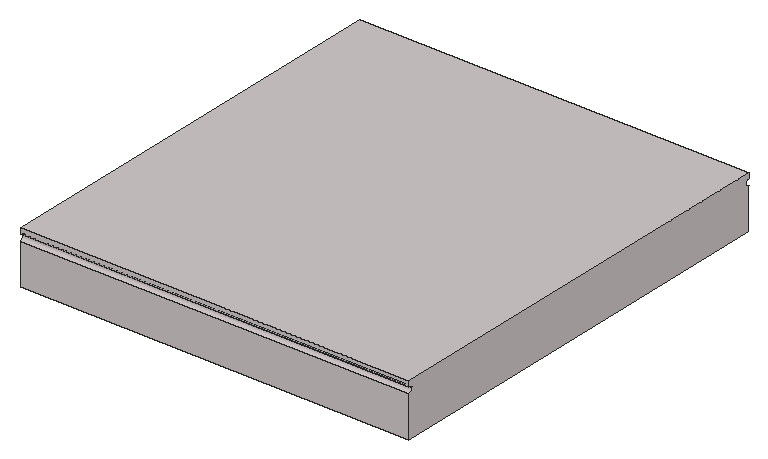
Revit family
Parameters (values of type "FS6")
  Start Extension Calculation [instance] = 10' 0 1/2" + Start Extension  # 10' - 0"
  Start Extension [instance] = -0' - 0 1/2"
  End Extension Calculation [instance] = 10' 0 1/2" + End Extension  # 10' - 0"
  End Extension [instance] = -0' - 0 1/2"
  Beam Material [instance] = Concrete - Precast Concrete - Normal Weight - 5 ksi
  Assembly Code = "B10"
  Depth = 0' - 6"
  Length [instance] = 5' - 0"
  Width = 4' - 0"
Types (4): name | Depth
  (no name) | 0' - 6"
  FS6 | 0' - 6"
  FS8 | 0' - 8"
  FS4 | 0' - 4"
Reference planes (in)
  plane 1 "Center (Front/Back)": y = 0
  plane 2: z = 0
  plane 3 "Center (Left/Right)": x = 0.1815
  plane 4 "Member Left": x = -21.8185
  plane 5 "Member Right": x = 22.1815
  plane 6: y = 24
  plane 7: y = -24
  plane 8: z = 3
  plane 9 "Bottom": z = -3
  plane 10 "Left": x = -29.8185
  plane 11 "Right": x = 30.1815
  plane 12: x = -21.8185
  plane 13: x = 22.1815
  plane 14: x = 98.1815
  plane 15: x = -97.8185
Dimensions and locks (in)
  "Width": plane 6 to plane 7
  equal spacing: plane 9 "Bottom", plane 2, plane 8
  equal spacing: plane 6, plane 1 "Center (Front/Back)", plane 7
  "Depth": plane 9 "Bottom" to plane 8
  "Length": plane 10 "Left" to plane 11 "Right"
  "Start Extension Calculation": plane 12 to plane 14
  locked: plane 4 "Member Left" to plane 14 at 120
  locked: plane 15 to plane 5 "Member Right" at 120
  "End Extension Calculation": plane 15 to plane 13
  aligned and locked: nested 1 to plane 12
  aligned and locked: nested 1 to plane 13
Nested families (in)
  nested 1: "Solid Flat Slab" at (-21.8185, 0, 0), Material <- "Beam Material", Width <- "Width", Depth <- "Depth", type "Solid Flat Slab"
    with Width 4' - 0", Material Concrete - Precast Concrete - Normal Weight - 5 ksi, built-in parameter 1001306 3.6667 (stored number, unit not read), Depth 0' - 6"
Definition of nested family "Solid Flat Slab"
  Parameters (values of type "Solid Flat Slab")
    Width [instance] = 4' - 0"
    Material [instance] = Concrete - Precast Concrete - Normal Weight - 5 ksi
    built-in parameter 1001306 [instance] = 4' - 0"
    Depth [instance] = 0' - 4"
    Assembly Code = ""
  Reference planes (in)
    plane 1 "Center (Front/Back)": y = 0
    plane 2: z = 0
    plane 3 "Left": x = 0
    plane 4 "Right": x = 48
    plane 5: z = 2
    plane 6: z = -2
    plane 7: y = -24
    plane 8: y = 24
    plane 9: z = 1
  Forms (in)
    Extrusion 1, solid, material "Concrete - Precast Concrete - Normal Weight - 5 ksi" <- "Material"
      sketch origin (0, 0, 0) x (0, 1, 0) y (0, 0, 1)
        loop
          line (24, 2) -> (-24, 2) -> (-24, 1.375)
          arc (-24, 1.375) -> (-23.625, 1) -> (-24, 0.625) r 0.375
          line (-24, 0.625) -> (-24, -2) -> (24, -2) -> (24, 0.625)
          arc (24, 0.625) -> (23.625, 1) -> (24, 1.375) r 0.375
          line (24, 1.375) -> (24, 2)
      from 0 to 48
  Lines and regions (in)
    reference lines
      curve 1: line (0, 0, 0) -> (48, 0, 0)
  Dimensions and locks (in)
    "built-in parameter 1001306": plane 3 "Left" to plane 4 "Right"
    "Depth": plane 5 to plane 6
    equal spacing: plane 5, level, plane 6
    "Width": plane 8 to plane 7
    equal spacing: plane 8, plane 1 "Center (Front/Back)", plane 7
    locked: plane 5 to plane 9 at 1
    radius of Extrusion 1 sketch curve = 0' - 0 3/8"  (x2)
    aligned and locked: plane 4 "Right" to curve 1
    aligned and locked: plane 1 "Center (Front/Back)" to curve 1
    aligned and locked: plane 3 "Left" to curve 1
    aligned and locked: Extrusion 1 to plane 3 "Left"
    aligned and locked: plane 4 "Right" to Extrusion 1
    aligned and locked: Extrusion 1 sketch curve to plane 6
    aligned and locked: plane 5 to Extrusion 1 sketch curve
    aligned and locked: plane 8 to Extrusion 1 sketch curve
    aligned and locked: Extrusion 1 sketch curve to plane 7
  Automatic sketch dimensions
    Extrusion 1 sketch curve to plane 9 = 0' - 0"  (x2)
